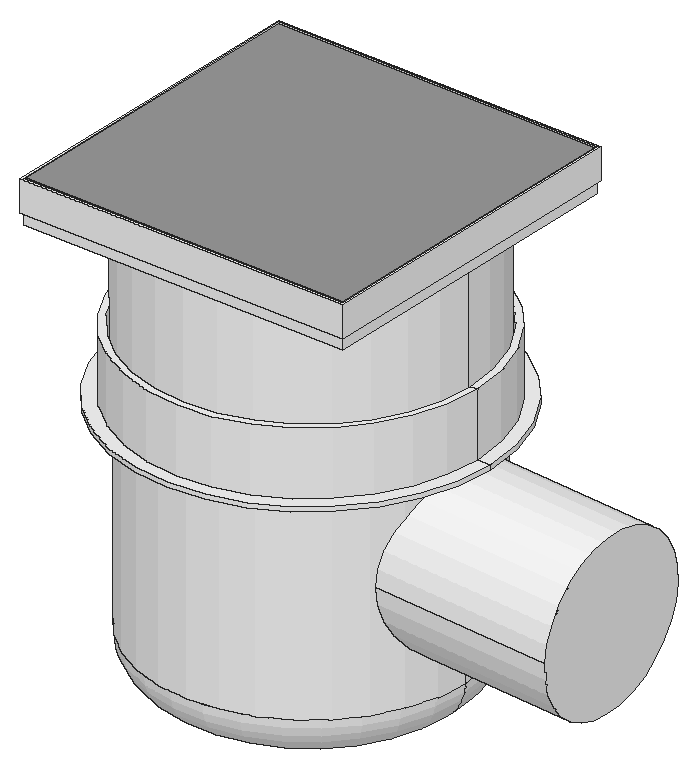
Revit family "HL_Трап для подвалов_HL72N_7", category Instalační zařizovací předměty, Revit 2016
Family settings
  Typ součásti = Normální
  Kóta kulaté spojky = Použít průměr
  Číslo OmniClass = 23.70.50.21.24.14
  Nadpis OmniClass = Deck Waste Water Drains
  Založené na pracovní rovině = Ne
  Vždy vertikální = Ano
  Ořezat dutým tvarem při načtení = Ne
  Sdílené = Ano
  Bod výpočtu místnosti = Ano
Parameters
  РЕШЁТКА = "138x138 mm/ V2A"
  РАЗМЕР = "DN75"
  ПРОПУСКНАЯ СПОСОБНОСТЬ [instance] = 0.0 L/s
  ПРОИЗВОДИТЕЛЬНОСТЬ = "1,5 l/s"
  ПРАВОВАЯ ИНФОРМАЦИЯ = "\"Copyright (©), design rights or any other intellectual property rights, shall be the exclusive property of HL Hutterer & Lechner GmbH. Modification is not allowed. Family has been watermarked.\""
  ПАДЕНИЕ ДАВЛЕНИЯ [instance] = 0.0 Pa
  НОМИНАЛЬНЫЙ ДИАМЕТР = 75 mm
  НАСАДКА = "48-95 mm/ 148x148 mm"
  МАТЕРИАЛ = "PP"
  МАКСИМАЛЬНАЯ НАГРУЗКА КЛАССА = "K3 - 300 kg"
  ВЫСОТА МОНТАЖА = "160 mm"
  ВЕС = "0,873 kg"
  Připojení ventilace = no
  Výrobce = "HL Hutterer & Lechner GmbH"
  URL = "http://www.hutterer-lechner.com/en/products/catalog/roof-drains/HL72N/7.aspx"
  Připojení odpadu = yes
  Připojení HW = no
  Description = "Anti flood valves"
  Model = "HL_Basement drain_HL72N_7"
  Type Comments = "basement drain DN75 horizontal 148x148mm/138x138mm"
  Keynote = "HL_Basement drain_HL72N_7"
  Высота монтажа [instance] = 95 mm
  Připojení CW = no
  EAN = "9003076013104"
  D1 [instance] = 137.8 mm
  D [instance] = Высота монтажа + 56.6 mm  # 151.6 mm
  C [instance] = Высота монтажа + 74.9 mm  # 169.9 mm
  B [instance] = Высота монтажа + 45.9 mm  # 140.9 mm
  A [instance] = if(B - 100 mm > 15 mm, B - 100 mm, 15 mm)  # 40.9 mm
Types (2, lengths in mm): name | ПРАВОВАЯ ИНФОРМАЦИЯ | URL | Description | Model | Type Comments | Keynote
  (no name) | "\"Copyright (©), design rights or any other intellectual property rights, shall be the exclusive property of HL Hutterer & Lechner GmbH. Modification is not allowed. Family has been watermarked.\"" | "http://www.hutterer-lechner.com/en/products/catalog/roof-drains/HL72N/7.aspx" | "Anti flood valves" | "HL_Basement drain_HL72N_7" | "basement drain DN75 horizontal 148x148mm/138x138mm" | "HL_Basement drain_HL72N_7"
  HL_Трап для подвалов_HL72N_7 | "\"Авторские права(©), права на дизайн или какие либо другие права интелектуальной собственности являются исключительной собственностью компании HL Hutterer & Lechner. Изменению не подлежит. Файл семейства с данными о прозводителе изделия защищен паролем с водяным знаком.\"" | "http://www.hutterer-lechner.com/ru/products/catalog/roof-drains/HL72N/7.aspx" | "Трап для подвалов" | "HL72N_7" | "Трап для подвалов DN75 горизонтальный 148х148мм/138х138мм" | "HL72N_7"
Reference planes
  plane 1 "Center (Front/Back)": y = 0
  plane 2: z = 0
  plane 3 "Center (Left/Right)": x = 0
  plane 4 "Ball Joint Vertical": x = 25.45
  plane 5: z = -95
  plane 6: z = -140.9
Lines and regions (mm)
  model lines, style "InvisibleLines"
    curve 1: line (0, 0, 0) -> (0, 0, 560)
  reference lines
    curve 2: line (107.8, 0, -140.9) -> (137.8, 0, -140.9)
  model lines, detail levels coarse+medium
    curve 3: line (0, 0, -140.9) -> (0, 0, -100)
    curve 4: line (0, 0, -100) -> (100, 0, 0)
    curve 5: line (0, 0, -100) -> (-100, 0, 0)
    curve 6: line (0, 0, -140.9) -> (137.8, 0, -140.9)
  symbolic lines, style "PlumbingFixtures", detail levels coarse+medium
    curve 7: line (-75, 75, 0) -> (75, 75, 0)
    curve 8: line (-75, -75, 0) -> (-75, 75, 0)
    curve 9: line (75, -75, 0) -> (-75, -75, 0)
    curve 10: line (75, 75, 0) -> (75, -75, 0)
    curve 11: line (-75, 75, 0) -> (-145.711, 145.711, 0)
    curve 12: line (75, 75, 0) -> (145.711, 145.711, 0)
    curve 13: line (-75, -75, 0) -> (-145.711, -145.711, 0)
    curve 14: line (75, -75, 0) -> (145.711, -145.711, 0)
  symbolic lines, style "PlumbingFixtures", not visible, detail levels coarse+medium
    curve 15: line (-75, 75, 0) -> (75, 75, 0)
    curve 16: line (-75, -75, 0) -> (-75, 75, 0)
    curve 17: line (75, -75, 0) -> (-75, -75, 0)
    curve 18: line (75, 75, 0) -> (75, -75, 0)
    curve 19: line (-75, 75, 0) -> (-145.711, 145.711, 0)
    curve 20: line (75, 75, 0) -> (145.711, 145.711, 0)
    curve 21: line (-75, -75, 0) -> (-145.711, -145.711, 0)
    curve 22: line (75, -75, 0) -> (145.711, -145.711, 0)
Text (mm)
  text "FLOOR" at (-198.233, 0, -26.556), in view "вид строительства"
Dimensions and locks
  locked: plane 4 "Ball Joint Vertical" to plane 3 "Center (Left/Right)" at 25.45
  "Высота монтажа": plane 2 to plane 5
  "A": curve 5 to plane 6
  "B": curve 5 to plane 6
  "B": curve 4 to plane 6
  "B": plane 2 to plane 6
  "B": plane 2 to curve 6
  "D1": curve 2 to plane 3 "Center (Left/Right)"
  "D1": curve 6 to plane 3 "Center (Left/Right)"
  locked: curve 4 to plane 3 "Center (Left/Right)" (angle 45.00°)
  locked: plane 3 "Center (Left/Right)" to curve 5 (angle 45.00°)
  aligned and locked: level to plane 2
  aligned and locked: plane 2 to curve 1
  aligned and locked: plane 3 "Center (Left/Right)" to curve 1
  aligned and locked: plane 3 "Center (Left/Right)" to curve 5
  aligned and locked: curve 2 to plane 6
  aligned and locked: plane 3 "Center (Left/Right)" to nested 1
  aligned and locked: nested 1 to plane 5
  aligned and locked: plane 3 "Center (Left/Right)" to nested 2
  aligned and locked: plane 2 to nested 2
Automatic sketch dimensions
  level to curve 1 = 560 mm
  curve 2 to curve 2 = 30 mm
Nested families
  nested 1: "HL-Трап для подвалов-HL72-7" at (0, 0, -66), type "HL-Трап для подвалов-HL72-7"
  nested 2: "HL-Насадка-HL66.9" at (0, 0, 0), Bысота монтажа <- "Высота монтажа", type "HL-Насадка-HL66.9"
    with L -90 mm, IHmin 12 mm, IHmax 90 mm, Bысота монтажа 95 mm
Connectors
  piping at (137.8, 0, -140.9), diameter 75, driven by "НОМИНАЛЬНЫЙ ДИАМЕТР", driven by "ПРОПУСКНАЯ СПОСОБНОСТЬ"
    settings: on curve 2, index 1, connector inside diameter 609.6 mm, connector length 0 mm, flow factor 0, pipe flow 0.0 L/s, pressure drop 0.0 Pa, fitting loss kfactor 0, connector angle 0.00°, fixture units 0, engagement length 0 mm, angle of deflection 0.00°, flow configuration 1, flow direction 2, fitting loss method 0, system type 16, joint type 0, gender type 0, connector reference index -1, connector utility 0, adjustable connector yes, is connector primary yes, connector description ""
Definition of nested family "HL-Трап для подвалов-HL72-7"
  Parameters (values of type "HL-Трап для подвалов-HL72-7")
    Manufacturer = ""
    URL = ""
    Description = ""
    Model = ""
    Type Comments = ""
    Cost = 0
  Reference planes
    plane 1 "Střed (vpředu/vzadu)": y = 0
    plane 2: z = 0
    plane 3 "Střed (vlevo/vpravo)": x = 0
  Forms (mm)
    Revolve 1, solid, detail levels fine
      sketch origin (0, 0, 0) x (1, 0, 0) y (0, 0, 1)
        loop
          line (0, -25) -> (-73.541, -25) -> (-73.541, 0) -> (-76.504, 0) -> (-76.504, -29) -> (-82.5, -29) -> (-82.5, -31) -> (-70.985, -31) -> (-70.985, -123.015)
          arc (-70.985, -123.015) -> (-65.131, -137.147) -> (-51, -143) r 19.985
          line (-51, -143) -> (0, -143) -> (0, -25)
        axis (0, -143) -> (0, 0)
      angle from 0 to 360
    Sweep 2, solid, detail levels fine
      path origin (0, 0, 0) x (1, 0, 0) y (0, 0, 1)
        loop
          line (139.613, -39.898) -> (36.939, -34.518)
      profile origin (88.276, 0, -37.208) x (-0.052336, 0, -0.99863) y (0, -1, 0)
        loop
          circle (35, 0) r 38
  Dimensions and locks
    aligned and locked: level to plane 2
Definition of nested family "HL-Насадка-HL66.9"
  Parameters
    РЕШЁТКА = "Edelstahl 138x138mm"
    РАЗМЕР = "d 145 mm"
    ПРАВОВАЯ ИНФОРМАЦИЯ = "Авторские права(©), права на дизайн или какие либо другие права интелектуальной собственности являются исключительной собственностью компании HL Hutterer & Lechner. Изменению не подлежит. Файл семейства с данными о прозводителе изделия защищен паролем с водяным знаком."
    НАСАДКА = "147x147mm"
    МАТЕРИАЛ = "PP"
    МАКСИМАЛЬНАЯ НАГРУЗКА КЛАССА = "K - 300 kg"
    ВЫСОТА МОНТАЖА = "12-65mm"
    Материал плитка = none
    ВЕС = "0,345 [kg]"
    L [instance] = -if(Bысота монтажа - 5 mm < IHmin, 19 mm, if(Bысота монтажа - 5 mm > IHmax, 19 mm, Bысота монтажа - 5 mm))  # -90 mm
    Manufacturer = "HL Hutterer & Lechner GmbH"
    URL = "http://www.hutterer-lechner.com/ru/products/catalog/roof-drains/HL66.9.aspx"
    Description = "Кровельные воронки"
    Model = "HL66.9"
    Type Comments = "HL66.9, Насадка d 145мм с бороздками/147х147мм/138х138мм"
    Keynote = "HL66.9"
    Bысота монтажа [instance] = 95 mm
    IHmin [instance] = 12 mm
    IHmax [instance] = 90 mm
    EAN = "9003076014606"
    Cost = 0
  Reference planes
    plane 1 "Střed (vpředu/vzadu)": y = 0
    plane 2: z = 0
    plane 3 "Střed (vlevo/vpravo)": x = 0
  Forms (mm)
    Extrusion 1, solid, detail levels fine
      sketch origin (-1.537, 0, -14.6) x (0, 1, 0) y (-1, 0, 0)
        loop
          line (74, 72.459) -> (-74, 72.459) -> (-74, -75.537) -> (74, -75.537) -> (74, 72.459)
        loop
          line (73, 71.463) -> (-73, 71.463) -> (-73, -74.537) -> (73, -74.537) -> (73, 71.463)
      from 0.6 to 14.6
    Extrusion 2, solid, detail levels fine
      sketch origin (-1.537, 0, -14) x (-1, 0, 0) y (0, 1, 0)
        loop
          line (71.463, 73) -> (-74.537, 73) -> (-74.537, -73) -> (71.463, -73) -> (71.463, 73)
        loop
          circle (-1.537, 0) r 72.5
      from 0 to 5
    Extrusion 3, solid, detail levels fine
      sketch origin (-1.537, 0, -14) x (-1, 0, 0) y (0, -1, 0)
        loop
          line (70.95, -72.397) -> (70.95, 72.463) -> (-74.05, 72.463) -> (-74.05, -72.397) -> (70.95, -72.397)
      from 0 to 14
    Extrusion 4, solid, detail levels fine
      sketch origin (0, 0, 0) x (1, 0, 0) y (0, 1, 0)
        loop
          circle (0, 0) r 72.5
      from -19 to -90 <- "L"
  Lines and regions (mm)
    model lines, detail levels fine
      curve 1: line (36.25, 24.325, 0) -> (36.25, -24.42, 0)
      curve 2: line (43.75, -24.42, 0) -> (43.75, 24.325, 0)
      curve 3: line (52.25, 40.306, 0) -> (52.25, -40.355, 0)
      curve 4: line (59.75, -40.355, 0) -> (59.75, 40.306, 0)
      curve 5: line (20.25, 8.588, 0) -> (20.25, -8.684, 0)
      curve 6: line (27.75, -8.684, 0) -> (27.75, 8.588, 0)
      curve 7: arc (27.75, 8.588, 0) -> (24, 12.338, 0) -> (20.25, 8.588, 0) r 3.75
      curve 8: arc (20.25, -8.684, 0) -> (24, -12.434, 0) -> (27.75, -8.684, 0) r 3.75
      curve 9: arc (36.25, -24.42, 0) -> (40, -28.17, 0) -> (43.75, -24.42, 0) r 3.75
      curve 10: arc (43.75, 24.325, 0) -> (40, 28.075, 0) -> (36.25, 24.325, 0) r 3.75
      curve 11: arc (59.75, 40.306, 0) -> (56, 44.056, 0) -> (52.25, 40.306, 0) r 3.75
      curve 12: arc (52.25, -40.355, 0) -> (56, -44.105, 0) -> (59.75, -40.355, 0) r 3.75
      curve 13: line (-24.325, -36.25, 0) -> (24.42, -36.25, 0)
      curve 14: line (24.42, -43.75, 0) -> (-24.325, -43.75, 0)
      curve 15: line (-40.306, -52.25, 0) -> (40.355, -52.25, 0)
      curve 16: line (40.355, -59.75, 0) -> (-40.306, -59.75, 0)
      curve 17: line (-8.588, -20.25, 0) -> (8.684, -20.25, 0)
      curve 18: line (8.684, -27.75, 0) -> (-8.588, -27.75, 0)
      curve 19: arc (-8.588, -27.75, 0) -> (-12.338, -24, 0) -> (-8.588, -20.25, 0) r 3.75
      curve 20: arc (8.684, -20.25, 0) -> (12.434, -24, 0) -> (8.684, -27.75, 0) r 3.75
      curve 21: arc (24.42, -36.25, 0) -> (28.17, -40, 0) -> (24.42, -43.75, 0) r 3.75
      curve 22: arc (-24.325, -43.75, 0) -> (-28.075, -40, 0) -> (-24.325, -36.25, 0) r 3.75
      curve 23: arc (-40.306, -59.75, 0) -> (-44.056, -56, 0) -> (-40.306, -52.25, 0) r 3.75
      curve 24: arc (40.355, -52.25, 0) -> (44.105, -56, 0) -> (40.355, -59.75, 0) r 3.75
      curve 25: line (36.25, -24.42, 0) -> (36.25, 24.325, 0)
      curve 26: line (43.75, 24.325, 0) -> (43.75, -24.42, 0)
      curve 27: line (52.25, -40.355, 0) -> (52.25, 40.306, 0)
      curve 28: line (59.75, 40.306, 0) -> (59.75, -40.355, 0)
      curve 29: line (20.25, -8.684, 0) -> (20.25, 8.588, 0)
      curve 30: line (27.75, 8.588, 0) -> (27.75, -8.684, 0)
      curve 31: arc (27.75, -8.588, 0) -> (24, -12.338, 0) -> (20.25, -8.588, 0) r 3.75
      curve 32: arc (20.25, 8.684, 0) -> (24, 12.434, 0) -> (27.75, 8.684, 0) r 3.75
      curve 33: arc (36.25, 24.42, 0) -> (40, 28.17, 0) -> (43.75, 24.42, 0) r 3.75
      curve 34: arc (43.75, -24.325, 0) -> (40, -28.075, 0) -> (36.25, -24.325, 0) r 3.75
      curve 35: arc (59.75, -40.306, 0) -> (56, -44.056, 0) -> (52.25, -40.306, 0) r 3.75
      curve 36: arc (52.25, 40.355, 0) -> (56, 44.105, 0) -> (59.75, 40.355, 0) r 3.75
      curve 37: line (24.42, -36.25, 0) -> (-24.325, -36.25, 0)
      curve 38: line (-24.325, -43.75, 0) -> (24.42, -43.75, 0)
      curve 39: line (40.355, -52.25, 0) -> (-40.306, -52.25, 0)
      curve 40: line (-40.306, -59.75, 0) -> (40.355, -59.75, 0)
      curve 41: line (8.684, -20.25, 0) -> (-8.588, -20.25, 0)
      curve 42: line (-8.588, -27.75, 0) -> (8.684, -27.75, 0)
      curve 43: arc (8.588, -27.75, 0) -> (12.338, -24, 0) -> (8.588, -20.25, 0) r 3.75
      curve 44: arc (-8.684, -20.25, 0) -> (-12.434, -24, 0) -> (-8.684, -27.75, 0) r 3.75
      curve 45: arc (-24.42, -36.25, 0) -> (-28.17, -40, 0) -> (-24.42, -43.75, 0) r 3.75
      curve 46: arc (24.325, -43.75, 0) -> (28.075, -40, 0) -> (24.325, -36.25, 0) r 3.75
      curve 47: arc (40.306, -59.75, 0) -> (44.056, -56, 0) -> (40.306, -52.25, 0) r 3.75
      curve 48: arc (-40.355, -52.25, 0) -> (-44.105, -56, 0) -> (-40.355, -59.75, 0) r 3.75
      curve 49: line (-36.25, 24.325, 0) -> (-36.25, -24.325, 0)
      curve 50: line (-43.75, -24.325, 0) -> (-43.75, 24.325, 0)
      curve 51: line (-52.25, 40.306, 0) -> (-52.25, -40.306, 0)
      curve 52: line (-59.75, -40.306, 0) -> (-59.75, 40.306, 0)
      curve 53: line (-20.25, 8.588, 0) -> (-20.25, -8.588, 0)
      curve 54: line (-27.75, -8.684, 0) -> (-27.75, 8.588, 0)
      curve 55: arc (-27.75, 8.588, 0) -> (-24, 12.338, 0) -> (-20.25, 8.588, 0) r 3.75
      curve 56: arc (-20.25, -8.684, 0) -> (-24, -12.434, 0) -> (-27.75, -8.684, 0) r 3.75
      curve 57: arc (-43.75, 24.325, 0) -> (-40, 28.075, 0) -> (-36.25, 24.325, 0) r 3.75
      curve 58: arc (-59.75, 40.306, 0) -> (-56, 44.056, 0) -> (-52.25, 40.306, 0) r 3.75
      curve 59: line (-36.25, -24.325, 0) -> (-36.25, 24.325, 0)
      curve 60: line (-43.75, 24.325, 0) -> (-43.75, -24.325, 0)
      curve 61: line (-52.25, -40.306, 0) -> (-52.25, 40.306, 0)
      curve 62: line (-59.75, 40.306, 0) -> (-59.75, -40.306, 0)
      curve 63: line (-20.25, -8.588, 0) -> (-20.25, 8.588, 0)
      curve 64: line (-27.75, 8.588, 0) -> (-27.75, -8.684, 0)
      curve 65: arc (-27.75, -8.588, 0) -> (-24, -12.338, 0) -> (-20.25, -8.588, 0) r 3.75
      curve 66: arc (-20.25, 8.684, 0) -> (-24, 12.434, 0) -> (-27.75, 8.684, 0) r 3.75
      curve 67: arc (-36.25, 24.42, 0) -> (-40, 28.17, 0) -> (-43.75, 24.42, 0) r 3.75
      curve 68: arc (-43.75, -24.325, 0) -> (-40, -28.075, 0) -> (-36.25, -24.325, 0) r 3.75
      curve 69: arc (-59.75, -40.306, 0) -> (-56, -44.056, 0) -> (-52.25, -40.306, 0) r 3.75
      curve 70: arc (-52.25, 40.355, 0) -> (-56, 44.105, 0) -> (-59.75, 40.355, 0) r 3.75
      curve 71: line (-24.42, 36.25, 0) -> (24.325, 36.25, 0)
      curve 72: line (24.42, 43.75, 0) -> (-24.42, 43.75, 0)
      curve 73: line (-40.355, 52.25, 0) -> (40.306, 52.25, 0)
      curve 74: line (40.306, 59.75, 0) -> (-40.355, 59.75, 0)
      curve 75: line (-8.588, 20.25, 0) -> (8.588, 20.25, 0)
      curve 76: line (8.684, 27.75, 0) -> (-8.588, 27.75, 0)
      curve 77: arc (-8.588, 27.75, 0) -> (-12.338, 24, 0) -> (-8.588, 20.25, 0) r 3.75
      curve 78: arc (8.684, 20.25, 0) -> (12.434, 24, 0) -> (8.684, 27.75, 0) r 3.75
      curve 79: arc (24.42, 36.25, 0) -> (28.17, 40, 0) -> (24.42, 43.75, 0) r 3.75
      curve 80: line (24.325, 36.25, 0) -> (-24.42, 36.25, 0)
      curve 81: line (-24.42, 43.75, 0) -> (24.42, 43.75, 0)
      curve 82: line (40.306, 52.25, 0) -> (-40.355, 52.25, 0)
      curve 83: line (-40.355, 59.75, 0) -> (40.306, 59.75, 0)
      curve 84: line (8.588, 20.25, 0) -> (-8.588, 20.25, 0)
      curve 85: line (-8.588, 27.75, 0) -> (8.684, 27.75, 0)
      curve 86: arc (8.588, 27.75, 0) -> (12.338, 24, 0) -> (8.588, 20.25, 0) r 3.75
      curve 87: arc (-8.684, 20.25, 0) -> (-12.434, 24, 0) -> (-8.684, 27.75, 0) r 3.75
      curve 88: arc (-24.42, 36.25, 0) -> (-28.17, 40, 0) -> (-24.42, 43.75, 0) r 3.75
      curve 89: arc (24.325, 43.75, 0) -> (28.075, 40, 0) -> (24.325, 36.25, 0) r 3.75
      curve 90: arc (40.306, 59.75, 0) -> (44.056, 56, 0) -> (40.306, 52.25, 0) r 3.75
      curve 91: arc (-40.355, 52.25, 0) -> (-44.105, 56, 0) -> (-40.355, 59.75, 0) r 3.75
  Dimensions and locks
    Extrusion 1 sketch curve to Extrusion 1 sketch curve = 147.996 mm
    Extrusion 1 sketch curve to Extrusion 1 sketch curve = 148 mm
    aligned and locked: level to plane 2
    aligned and locked: Extrusion 4 to Extrusion 2
